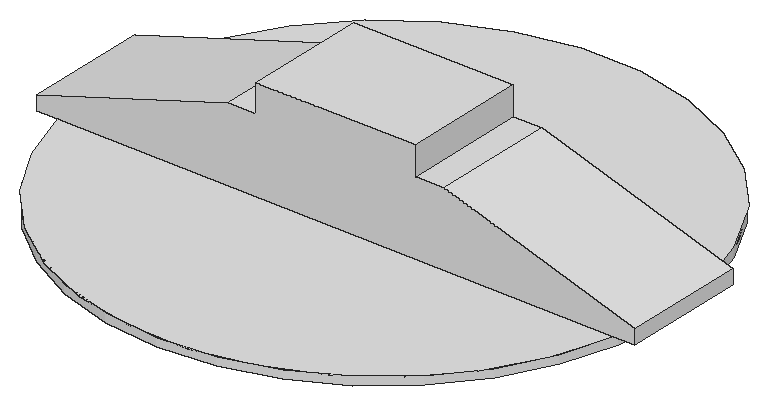
Revit family "Pluraluce DL R AP LED – R (takmontasje)", category Lighting Fixtures, Revit 2013
Parameters (values of type "Type 1")
  Wattage = 9.2903 W
  built-in parameter 1150110 = 1 (stored number, unit not read)
  built-in parameter 1114217 = 1 (stored number, unit not read)
  Tilt Angle = 90.00°
  built-in parameter 1150109 = 1 (stored number, unit not read)
  built-in parameter 1150134 = 3
  built-in parameter 1150113 = 1 (stored number, unit not read)
  Photometric Web File = "2x4 3Lamp.ies"
  Number of Poles = 1
  Symbol Positive Direction [instance] = yes
  built-in parameter 1150105 = 109.82 (stored number, unit not read)
  Lumens = 1380 lm
  built-in parameter 1150115 = 1 (stored number, unit not read)
  built-in parameter 1150137 = (empty or 0)
  built-in parameter 1150139 = (empty or 0)
  built-in parameter 1150112 = 1 (stored number, unit not read)
  built-in parameter 1150114 = 1 (stored number, unit not read)
  built-in parameter 1150132 = (empty or 0)
  built-in parameter 1150102 = (empty or 0)
  built-in parameter 1150107 = 3200 (stored number, unit not read)
  built-in parameter 1150138 = (empty or 0)
  built-in parameter 1150106 = 1.0982 (stored number, unit not read)
  Height = 3 mm
  Voltage = 230 V
  Symbol Offset Side [instance] = 0 mm
  Symbol Offset Out [instance] = 0 mm
  Material = Plastic - White
  Loads [instance] = 0 VA
  Emit from Circle Diameter = Diameter  # 200 mm
  Diameter = 200 mm
  Glass Material = Plastic - Glass
  Emit Shape Visible in Rendering = no
  built-in parameter 1150104 = 13.8 (stored number, unit not read)
  Dimming Lamp Color Temperature Shift = <None>
  Color Filter = 16777215
  built-in parameter 1114218 = 1 (stored number, unit not read)
  built-in parameter 1150133 = 10 (stored number, unit not read)
Reference planes
  plane 1 "Light Source Axis (F/B)": y = 0
  plane 2: z = 0
  plane 3 "Light Source Axis (L/R)": x = 0
  plane 4 "Light Source Elevation": z = 0
  plane 5: z = -3
  plane 6: y = 20
  plane 7: y = -20
  plane 8 "rp": z = 1
  plane 9: z = 36
  plane 10: x = -28
  plane 11: x = 28
Forms (mm)
  Extrusion 1, solid, material "Plastic - White" <- "Material"
    sketch origin (0, 0, 0) x (1, 0, 0) y (0, 1, 0)
      loop
        circle (0, 0) r 100
    from 0 to -3
  Revolve 2, solid, material "Plastic - Glass" <- "Glass Material"
    sketch origin (0, 0, 9) x (1, 0, 0) y (0, 0, 1)
      loop
        line (0, -8) -> (0, -13) -> (0.8, -13)
        arc (0.8, -13) -> (3.77, -11.77) -> (5, -8.8) r 4.2
        line (5, -8.8) -> (5, -8) -> (0, -8)
      axis (0, -8) -> (0, -13)
    angle from 0 to 360
  Extrusion 3, void
    sketch origin (0, 0, 0) x (1, 0, 0) y (0, 0, 1)
      loop
        line (-40, -3) -> (40, -3) -> (40, -2)
        arc (40, -2) -> (22.564, 0.249) -> (5, 1) r 205.667
        line (5, 1) -> (0, 1) -> (-5, 1)
        arc (-5, 1) -> (-22.564, 0.249) -> (-40, -2) r 205.667
        line (-40, -2) -> (-40, -3)
    from -20 to 20
  Extrusion 4, solid, material "Plastic - White" <- "Material"
    sketch origin (0, 0, 0) x (1, 0, 0) y (0, 0, 1)
      loop
        line (-28, 36) -> (-28, 26) -> (-38, 26) -> (-105, 5) -> (-105, 0) -> (105, 0) -> (105, 5) -> (38, 26) -> (28, 26) -> (28, 36) -> (-28, 36)
    from -21.682 to 21.34
Cuts and joins
  Extrusion 3 cuts Extrusion 1
  Extrusion 3 cuts Extrusion 4
  joined: Extrusion 1, Extrusion 4
Dimensions and locks
  plane 4 "Light Source Elevation" to plane 2 = 0 mm
  "Height": plane 4 "Light Source Elevation" to plane 5
  plane 6 to plane 1 "Light Source Axis (F/B)" to plane 7 = 20 mm locked, 20 mm locked
  locked: Revolve 2 sketch curve to plane 3 "Light Source Axis (L/R)" at 5
  equal spacing: plane 11, plane 3 "Light Source Axis (L/R)", plane 10
  plane 11 to plane 10 = 56 mm
  locked: plane 9 to plane 4 "Light Source Elevation" at 36
  plane 8 "rp" to plane 4 "Light Source Elevation" = 1 mm
  locked: cut or joined group of Extrusion 1, Extrusion 3, Extrusion 4 to plane 6 at 1.682
  locked: cut or joined group of Extrusion 1, Extrusion 3, Extrusion 4 to plane 7 at 1.34
  "Diameter": diameter of Extrusion 1 sketch curve
  aligned and locked: plane 2 to level
  aligned and locked: plane 1 "Light Source Axis (F/B)" to nested 1
  aligned and locked: plane 3 "Light Source Axis (L/R)" to nested 1
  aligned and locked: Extrusion 1 to plane 4 "Light Source Elevation"
  aligned and locked: Revolve 2 sketch curve to plane 3 "Light Source Axis (L/R)"  (x2)
  aligned and locked: imposter light to plane 3 "Light Source Axis (L/R)"
  aligned and locked: imposter light to plane 5
  aligned and locked: imposter light to plane 1 "Light Source Axis (F/B)"
  aligned and locked: Extrusion 1 to plane 5
  aligned and locked: Extrusion 3 sketch curve to plane 5
  aligned and locked: plane 6 to Extrusion 3
  aligned and locked: plane 7 to Extrusion 3
  aligned and locked: plane 1 "Light Source Axis (F/B)" to Extrusion 1 sketch curve
  aligned and locked: plane 3 "Light Source Axis (L/R)" to Extrusion 1 sketch curve
  aligned and locked: Extrusion 4 sketch curve to plane 9
  aligned and locked: Extrusion 4 sketch curve to plane 4 "Light Source Elevation"
  aligned and locked: Extrusion 4 sketch curve to plane 10
  aligned and locked: plane 11 to Extrusion 4 sketch curve
  aligned and locked: plane 8 "rp" to Revolve 2
  aligned and locked: plane 8 "rp" to Extrusion 3 sketch curve
Automatic sketch dimensions
  plane 3 "Light Source Axis (L/R)" to Revolve 2 sketch curve = 0.8 mm
  Revolve 2 sketch curve to plane 5 = 247.8 mm
  plane 9 to Revolve 2 sketch curve = 2339.751 mm
  Revolve 2 sketch curve to plane 8 "rp" = 0 mm
  Revolve 2 sketch curve to plane 5 = 1 mm
  Extrusion 3 sketch curve to plane 3 "Light Source Axis (L/R)" = 0 mm
  plane 5 to Extrusion 3 sketch curve = 1 mm  (x2)
  Extrusion 3 sketch curve to Extrusion 3 sketch curve = 5 mm
  Extrusion 3 sketch curve to Extrusion 3 sketch curve = 35 mm
  plane 3 "Light Source Axis (L/R)" to Extrusion 3 sketch curve = 5 mm
  plane 11 to Extrusion 3 sketch curve = 12 mm
  Extrusion 4 sketch curve to plane 10 = 77 mm
  plane 8 "rp" to Extrusion 4 sketch curve = 4 mm  (x2)
  Extrusion 4 sketch curve to Extrusion 4 sketch curve = 10 mm
  Extrusion 4 sketch curve to Extrusion 4 sketch curve = 67 mm
  Extrusion 4 sketch curve to plane 10 = 10 mm
  Extrusion 4 sketch curve to plane 9 = 10 mm  (x2)
Nested families
  nested 1: "LedelysS" at (0, 0, 0), type "Type 1"
Connectors
  electrical at (0, 0, 0), driven by "Voltage", driven by "Loads", driven by "Number of Poles", driven by "Loads"
    settings: on plane 4 "Light Source Elevation", index 1, voltage 230 V, apparent load 0 VA, apparent load phase1 0 VA, apparent load phase2 0 VA, apparent load phase3 0 VA, power factor 1, load classification "Lighting", number of poles 1, system type 30, power factor state 1, is connector primary yes, connector utility no, sub classification motor no, connector description ""
Definition of nested family "LedelysS"
  Parameters (values of type "Type 1")
    CQ Symbol Positive Direction = yes
    CQ Symbol Negative Direction = not(CQ Symbol Positive Direction)  # no
    CQ Symbol Offset Side = 0 mm
    CQ Symbol Offset Out = 0 mm
  Reference planes
    plane 1: y = 0
    plane 2: x = 0
  Dimensions and locks
    "CQ Symbol Offset Out": plane 1 to nested 1
    "CQ Symbol Offset Out": plane 1 to nested 2
    "CQ Symbol Offset Side": plane 2 to nested 2
    "CQ Symbol Offset Side": nested 1 to plane 2
  Nested families
    nested 1: "LedelysSub" at (0, 0, 0), visible <- "CQ Symbol Negative Direction", type "Type 1"
    nested 2: "LedelysSub" at (0, 0, 0), visible <- "CQ Symbol Positive Direction", type "Type 1"
  Definition of nested family "LedelysSub"
    Reference planes
      plane 1: y = 0
      plane 2: x = 0
    Lines and regions (mm)
      detail lines
        curve 1: line (-4, -2, 0) -> (4, -2, 0)
        curve 2: line (4, -2, 0) -> (4, 2, 0)
        curve 3: line (4, 2, 0) -> (-4, 2, 0)
        curve 4: line (-4, 2, 0) -> (-4, -2, 0)
        curve 5: line (-3.097, -1.25, 0) -> (-0.597, 1.25, 0)
        curve 6: line (-3.097, 1.25, 0) -> (-0.597, -1.25, 0)
        curve 7: circle (-1.847, 0, 0) r 1.2 normal (0, 0, 1)
    Text (mm)
      text "LL" at (2.179, 1.025, 0)
